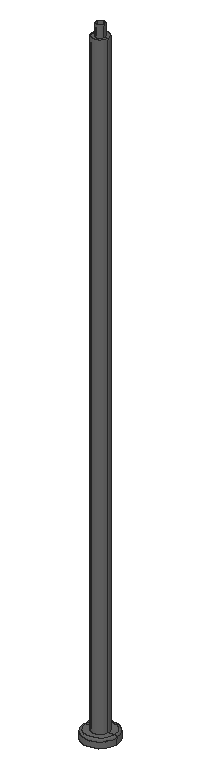
Revit family "920HR", category Generic Models, Revit 2017
Family settings
  Can host rebar = No
  Round Connector Dimension = Use Diameter
  Part Type = Normal
  Work Plane-Based = No
  Always vertical = Yes
  Cut with Voids When Loaded = No
  Shared = No
  Room Calculation Point = No
Reference planes (in)
  plane 1 "Center (Front/Back)": y = 0
  plane 2: z = 0
  plane 3 "Center (Left/Right)": x = 0
Forms (in)
  Revolve 1, solid, material "Default"
    sketch origin (0, 0, 0) x (1, 0, 0) y (0, 0, 1)
      loop
        line (0, 0) -> (6.3125, 0) -> (6.3125, 2.25)
        arc (6.3125, 2.25) -> (6.09283, 2.78033) -> (5.5625, 3) r 0.75
        line (5.5625, 3) -> (3, 3) -> (3, 240) -> (1.5, 240) -> (1.5, 244.3125) -> (1.3125, 244.3125) -> (1.3125, 239.8125) -> (2.8125, 239.8125) -> (2.8125, 3) -> (0, 3) -> (0, 0)
      axis (0, 244.3125) -> (0, 0)
    angle from 0 to 360
  Extrusion 2, solid, material "BEGA BLK"
    sketch origin (0, 0, 0) x (1, 0, 0) y (0, 1, 0)
      loop
        circle (0, 0) r 1.3125
    from 240 to 241.03827
Lines and regions (in)
  reference lines
    curve 1: line (0, 1.3125, 0) -> (0, -1.3125, 0)
    curve 2: line (1.3125, 0, 0) -> (-1.3125, 0, 0)
Dimensions and locks (in)
  aligned and locked: plane 2 to level
